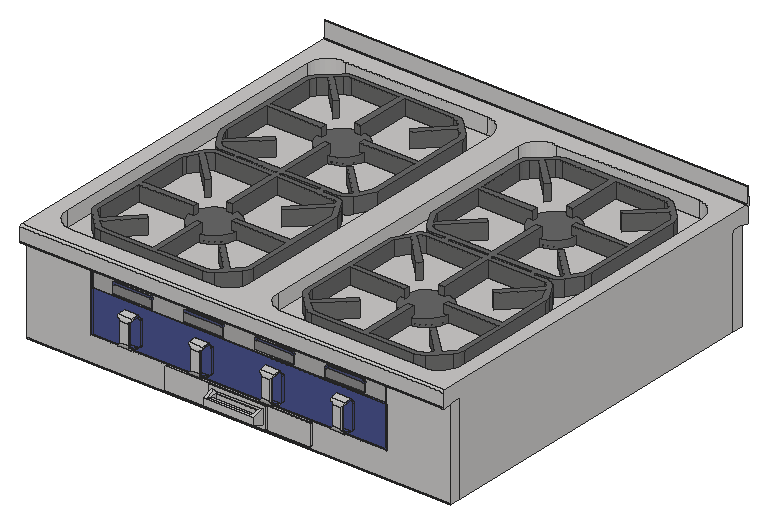
Revit family "QF_ELECTROLUXPROFESSIONAL_589083_MCGHABJOPI", category Specialty Equipment, Revit 2018
Family settings
  Round Connector Dimension = Use Diameter
  Part Type = Normal
  Work Plane-Based = No
  Always vertical = Yes
  Cut with Voids When Loaded = No
  Shared = No
  Room Calculation Point = No
Parameters
  Weight in Pounds = 180.77
  Watts = 0 W
  URL Cutsheet = ""
  Type Mark [instance] = ""
  Status [instance] = ""
  Specification by User [instance] = ""
  Specification by Manufacturer = ""
  Show Clearance [instance] = yes
  Serial Number = ""
  Seismic Rating = ""
  SMACNA No = ""
  Revision Code [instance] = ""
  Omniclass Number and Title = ""
  NAFEM Spec ID Number = ""
  Model = "589083"
  Mechanical Remarks [instance] = ""
  Mechanical Connection Type [instance] = ""
  Masterspec = ""
  Manufacturer = "ELECTROLUX"
  Item Number [instance] = ""
  Installed By [instance] = ""
  Identify Quantity as Lot [instance] = yes
  HP = "0 HP"
  Gas Size = 1/2"
  Gas RI Height [instance] = 0 mm
  Gas KW = 40
  Gas Input = 136360.0 Btu/h
  Gas Connection Height [instance] = 0 mm
  Furnished By [instance] = ""
  Foodservice Equipment Identifier [instance] = yes
  Direct Waste Size = 0"
  Description = "GAS TOP,4 BURN,ECO,1S,BSPL,1000X900X250H"
  CSI MasterFormat = ""
  CSI Master Format = ""
  Back Panel [instance] = yes
Reference planes
  plane 1 "BACK": y = 0
  plane 2: z = 0
  plane 3 "LEFT": x = 0
  plane 4 "RIGHT": x = 1000
  plane 5 "FRONT": y = -900
  plane 6 "TOP": z = 250
  plane 7: x = 500
  plane 8: y = -450
  plane 9: x = 965
  plane 10: y = -60.425
  plane 11: y = -1330
Forms (mm)
  Extrusion 1, solid, material "QF_Finishes_Stainless Steel"
    sketch origin (0, -487.128, 0) x (0, 1, 0) y (0, 0, 1)
      loop
        line (483.128, 250) -> (-408.872, 250)
        arc (-408.872, 250) -> (-411.7, 248.828) -> (-412.872, 246) r 4
        line (-412.872, 246) -> (-412.872, 214)
        arc (-412.872, 214) -> (-411.437, 210.931) -> (-408.161, 210.064) r 4
        line (-408.161, 210.064) -> (-392.872, 213) -> (-367.872, 213) -> (-367.872, 0) -> (441.714, 0) -> (441.714, 213) -> (465.765, 213) -> (482.433, 210.061)
        arc (482.433, 210.061) -> (485.699, 210.936) -> (487.128, 214) r 4
        line (487.128, 214) -> (487.128, 246)
        arc (487.128, 246) -> (485.956, 248.828) -> (483.128, 250) r 4
    from 0 to 1000
  Extrusion 2, solid, material "QF_Finishes_Stainless Steel", visible <- "Back Panel"
    sketch origin (0, 0.586, 0) x (0, 1, 0) y (0, 0, 1)
      loop
        line (-46, 0) -> (-21, 0) -> (-21, 212.833) -> (-21.949, 213) -> (-46, 213) -> (-46, 0)
    from 0 to 1000
  Extrusion 3, void
    sketch origin (653.786, 44.048, 250) x (1, 0, 0) y (0, -1, 0)
      loop
        line (-570.234, 89.462) -> (-234.333, 89.462)
        arc (-234.333, 89.462) -> (-199.707, 103.805) -> (-185.364, 138.432) r 48.97
        line (-185.364, 138.432) -> (-185.364, 850.078)
        arc (-185.364, 850.078) -> (-199.707, 884.705) -> (-234.333, 899.048) r 48.97
        line (-234.333, 899.048) -> (-570.234, 899.048)
        arc (-570.234, 899.048) -> (-605.59, 884.403) -> (-620.234, 849.048) r 50
        line (-620.234, 849.048) -> (-620.234, 139.462)
        arc (-620.234, 139.462) -> (-605.59, 104.107) -> (-570.234, 89.462) r 50
      loop
        line (264.679, 899.048) -> (-71.222, 899.048)
        arc (-71.222, 899.048) -> (-106.577, 884.403) -> (-121.222, 849.048) r 50
        line (-121.222, 849.048) -> (-121.222, 139.462)
        arc (-121.222, 139.462) -> (-106.577, 104.107) -> (-71.222, 89.462) r 50
        line (-71.222, 89.462) -> (264.679, 89.462)
        arc (264.679, 89.462) -> (299.306, 103.805) -> (313.649, 138.432) r 48.97
        line (313.649, 138.432) -> (313.649, 850.078)
        arc (313.649, 850.078) -> (299.306, 884.705) -> (264.679, 899.048) r 48.97
    from 0 to 37
  Extrusion 4, solid, material "QF_Finishes_Stainless Steel"
    sketch origin (10, -759, 0) x (1, 0, 0) y (0, -1, 0)
      loop
        circle (955, -169) r 6.35
    from 0 to 3.2
  Extrusion 5, solid, material "QF_Door-Drawer Clearances", visible <- "Show Clearance", detail levels coarse
    sketch origin (-178.969, -4572, 0) x (-1, 0, 0) y (0, -1, 0)
      loop
        line (-507.364, -3689.407) -> (-507.364, -3242) -> (-851.364, -3242) -> (-851.364, -3689.407) -> (-507.364, -3689.407)
    from 8.012 to 59.392
  Extrusion 6, solid, material "QF_Finishes_Stainless Steel"
    sketch origin (0, -950.048, 0) x (0, -1, 0) y (0, 0, -1)
      loop
        arc (-948.097, -252.006) -> (-947.511, -250.592) -> (-946.097, -250.006) r 2
        arc (-946.097, -250.006) -> (-948.877, -248.828) -> (-950.048, -246) r 4
        line (-950.048, -246) -> (-950.048, -288.006) -> (-948.097, -288.006) -> (-948.097, -252.006)
    from 0 to 1000
Cuts and joins
  Extrusion 3 cuts Extrusion 1
Lines and regions (mm)
  symbolic lines
    curve 1: line (0, 0, 0) -> (1000, 0, 0)
    curve 2: line (0, -900, 0) -> (0, 0, 0)
    curve 3: line (1000, -900, 0) -> (0, -900, 0)
    curve 4: line (1000, 0, 0) -> (1000, -900, 0)
    curve 5: arc (83.552, -855, 0) -> (48.197, -840.355, 0) -> (33.552, -805, 0) r 50
    curve 6: line (33.552, -805, 0) -> (33.552, -95.414, 0)
    curve 7: arc (33.552, -95.414, 0) -> (48.197, -60.059, 0) -> (83.552, -45.414, 0) r 50
    curve 8: line (83.552, -45.414, 0) -> (417.592, -45.414, 0)
    curve 9: arc (918.465, -45.414, 0) -> (953.092, -59.757, 0) -> (967.435, -94.384, 0) r 48.97
    curve 10: line (967.435, -94.384, 0) -> (967.435, -806.03, 0)
    curve 11: arc (967.435, -806.03, 0) -> (953.092, -840.657, 0) -> (918.465, -855, 0) r 48.97
    curve 12: line (918.465, -855, 0) -> (582.408, -855, 0)
    curve 13: line (582.408, -45.414, 0) -> (918.465, -45.414, 0)
    curve 14: line (417.592, -855, 0) -> (83.552, -855, 0)
    curve 15: arc (582.408, -855, 0) -> (547.053, -840.355, 0) -> (532.408, -805, 0) r 50
    curve 16: line (532.408, -805, 0) -> (532.408, -95.414, 0)
    curve 17: arc (532.408, -95.414, 0) -> (547.053, -60.059, 0) -> (582.408, -45.414, 0) r 50
    curve 18: arc (417.592, -855, 0) -> (452.947, -840.355, 0) -> (467.592, -805, 0) r 50
    curve 19: line (467.592, -805, 0) -> (467.592, -95.414, 0)
    curve 20: arc (467.592, -95.414, 0) -> (452.947, -60.059, 0) -> (417.592, -45.414, 0) r 50
    curve 21: line (0, -1.951, 0) -> (1000, -1.951, 0)
  symbolic lines, style "QF_Door-Drawer Clearances"
    curve 22: line (328.395, -900, 0) -> (328.395, -1330, 0)
    curve 23: line (328.395, -1330, 0) -> (672.395, -1330, 0)
    curve 24: line (672.395, -1330, 0) -> (672.395, -900, 0)
Dimensions and locks
  plane 3 "LEFT" to plane 4 "RIGHT" = 1000 mm
  plane 5 "FRONT" to plane 1 "BACK" = 900 mm
  equal spacing: plane 3 "LEFT", plane 7, plane 4 "RIGHT"
  equal spacing: plane 5 "FRONT", plane 8, plane 1 "BACK"
  plane 6 "TOP" to level = 250 mm  (x2)
  plane 1 "BACK" to plane 5 "FRONT" = 900 mm
  Extrusion 4 sketch curve to plane 1 "BACK" = 590 mm
  Extrusion 4 sketch curve to plane 4 "RIGHT" = 35 mm
  plane 1 "BACK" to Extrusion 4 = 590 mm
  plane 9 to plane 4 "RIGHT" = 35 mm
  plane 5 "FRONT" to plane 11 = 430 mm
  aligned and locked: level to plane 2
  aligned and locked: Extrusion 1 to plane 4 "RIGHT"
Automatic sketch dimensions
  Extrusion 1 sketch curve to plane 5 "FRONT" = 0 mm
  Extrusion 1 sketch curve to plane 6 "TOP" = 0 mm
  Extrusion 1 sketch curve to level = 0 mm
  Extrusion 1 sketch curve to plane 1 "BACK" = 0 mm
  Extrusion 1 sketch curve to plane 6 "TOP" = 37 mm  (x2)
  Extrusion 1 sketch curve to plane 5 "FRONT" = 4 mm
  Extrusion 1 sketch curve to plane 5 "FRONT" = 20 mm
  Extrusion 1 sketch curve to plane 5 "FRONT" = 45 mm
  plane 1 "BACK" to Extrusion 1 sketch curve = 21.363 mm
  plane 1 "BACK" to Extrusion 1 sketch curve = 4 mm  (x2)
  Extrusion 1 sketch curve to Extrusion 1 sketch curve = 4 mm
  Extrusion 1 sketch curve to Extrusion 1 sketch curve = 0.711 mm
  plane 1 "BACK" to Extrusion 1 sketch curve = 4.695 mm
  Extrusion 1 sketch curve to Extrusion 1 sketch curve = 0 mm  (x2)
  Extrusion 1 sketch curve to Extrusion 1 sketch curve = 1 mm  (x2)
  plane 1 "BACK" to Extrusion 1 sketch curve = 45.414 mm
  Extrusion 2 sketch curve to level = 0 mm
  plane 10 to Extrusion 2 sketch curve = 15.012 mm
  Extrusion 2 sketch curve to plane 6 "TOP" = 37.167 mm
  Extrusion 2 sketch curve to Extrusion 2 sketch curve = 0.949 mm
  plane 1 "BACK" to Extrusion 2 sketch curve = 20.414 mm
  Extrusion 2 sketch curve to plane 6 "TOP" = 37 mm
  Extrusion 5 sketch curve to plane 5 "FRONT" = 17.407 mm
  plane 7 to Extrusion 5 sketch curve = 172.395 mm
  Extrusion 5 sketch curve to plane 7 = 171.605 mm
  plane 5 "FRONT" to Extrusion 5 sketch curve = 430 mm
  Extrusion 6 sketch curve to plane 1 "BACK" = 0 mm  (x2)
  Extrusion 6 sketch curve to plane 6 "TOP" = 2.006 mm
  Extrusion 6 sketch curve to plane 6 "TOP" = 0 mm
  Extrusion 6 sketch curve to Extrusion 6 sketch curve = 1.951 mm
  Extrusion 6 sketch curve to Extrusion 6 sketch curve = 2 mm
  Extrusion 6 sketch curve to Extrusion 6 sketch curve = 0.049 mm
  Extrusion 6 sketch curve to Extrusion 6 sketch curve = 36 mm
  Extrusion 6 sketch curve to Extrusion 6 sketch curve = 0 mm
  plane 1 "BACK" to curve 1 = 0 mm
  curve 1 to plane 4 "RIGHT" = 0 mm
  curve 2 to plane 3 "LEFT" = 0 mm
  plane 5 "FRONT" to curve 2 = 0 mm
  curve 21 to plane 3 "LEFT" = 0 mm
  curve 10 to plane 9 = 2.435 mm
  plane 9 to curve 12 = 46.535 mm
  plane 10 to curve 13 = 15.012 mm
  plane 9 to curve 13 = 46.535 mm
  plane 7 to curve 12 = 82.408 mm
  plane 7 to curve 13 = 82.408 mm
  plane 7 to curve 16 = 32.408 mm
  curve 19 to plane 7 = 32.408 mm
  curve 14 to plane 5 "FRONT" = 45 mm
  curve 19 to curve 14 = 50 mm
  plane 10 to curve 8 = 15.012 mm
  curve 19 to curve 8 = 50 mm
  plane 3 "LEFT" to curve 8 = 83.552 mm
  plane 3 "LEFT" to curve 14 = 83.552 mm
  plane 3 "LEFT" to curve 6 = 33.552 mm
  curve 18 to curve 16 = 0 mm
  curve 1 to curve 21 = 1.951 mm
  Extrusion 1 to Extrusion 3 sketch curve = 33.552 mm
  Extrusion 1 to Extrusion 3 sketch curve = 41 mm  (x2)
  Extrusion 3 sketch curve to Extrusion 3 sketch curve = 50 mm  (x4)
  Extrusion 1 to Extrusion 3 sketch curve = 41.414 mm
  Extrusion 3 sketch curve to Extrusion 3 sketch curve = 335.901 mm  (x2)
  Extrusion 3 sketch curve to Extrusion 3 sketch curve = 48.97 mm
  Extrusion 3 sketch curve to Extrusion 3 sketch curve = 64.142 mm
  Extrusion 1 to Extrusion 3 sketch curve = 81.535 mm  (x2)
  Extrusion 1 to Extrusion 3 sketch curve = 32.565 mm
  Extrusion 3 sketch curve to Extrusion 3 sketch curve = 1.03 mm
  curve 23 to plane 11 = 0 mm
  curve 23 to plane 7 = 171.605 mm
  plane 7 to curve 23 = 172.395 mm
  curve 22 to plane 5 "FRONT" = 0 mm
  curve 24 to plane 5 "FRONT" = 0 mm
  radius of Extrusion 4 sketch curve = 6.35 mm
Nested families
  nested 1: "OBT_900_Open Burner" at (250, -450.207, -649.319), type "OBT_900_Open Burner"
  nested 2: "OBT_900_Open Burner" at (750, -450.207, -649.319) x (-1, 0, 0) z (0, 0, 1), type "OBT_900_Open Burner"
  nested 3: "EG_900_1000_Four Range Control Handle Front Panel" at (202.376, -855, -650), type "EG_900_1000_Four Range Control Handle Front Panel"
Connectors
  piping at (965, -590, -3.2), diameter 12.8
    settings: on Extrusion 4, index 1, connector inside diameter 0.50394", connector length 0 mm, flow factor 0, pipe flow 0 GPM, pressure drop 0.00 psi, fitting loss kfactor 0, connector angle 0.00°, fixture units 0, engagement length 0 mm, angle of deflection 0.00°, flow configuration 1, flow direction 1, fitting loss method 0, system type 7, joint type 0, gender type 0, connector reference index -1, connector utility 0, adjustable connector no, is connector primary yes, connector description "GAS CONNECTION"
Definition of nested family "OBT_900_Open Burner"
  Reference planes
    plane 1 "Center (Front/Back)": y = 0
    plane 2: z = 0
    plane 3 "Center (Left/Right)": x = 0
    plane 4: x = -186.448
    plane 5: x = 187.435
    plane 6: y = 374.793
    plane 7: y = -374.793
    plane 8: y = -188.326
  Forms (mm)
    Extrusion 1, solid
      sketch origin (2130.573, 56.896, -679.622) x (1, 0, 0) y (0, 1, 0)
        loop
          line (-2137.44, 306.49) -> (-2250.793, 306.49)
          arc (-2250.793, 306.49) -> (-2257.908, 305.075) -> (-2263.94, 301.044) r 18.593
          line (-2263.94, 301.044) -> (-2276.233, 288.751) -> (-2213.48, 225.998) -> (-2221.6, 217.877) -> (-2284.354, 280.631) -> (-2300.33, 264.654)
          arc (-2300.33, 264.654) -> (-2304.433, 258.337) -> (-2305.614, 250.897) r 18.125
          line (-2305.614, 250.897) -> (-2305.614, 138.422) -> (-2175.79, 138.422) -> (-2175.79, 126.938) -> (-2305.614, 126.938) -> (-2305.614, 10.897)
          arc (-2305.614, 10.897) -> (-2304.981, 6.085) -> (-2303.123, 1.601) r 18.593
          line (-2303.123, 1.601) -> (-2290.078, -20.994) -> (-2221.6, 47.483) -> (-2213.48, 39.363) -> (-2284.012, -31.169)
          arc (-2284.012, -31.169) -> (-2278.546, -38.527) -> (-2270.23, -42.379) r 18.593
          line (-2270.23, -42.379) -> (-2137.44, -42.379) -> (-2137.44, 87.464) -> (-2123.707, 87.464) -> (-2123.707, -42.379) -> (-1989.813, -42.379)
          arc (-1989.813, -42.379) -> (-1981.496, -38.527) -> (-1976.031, -31.169) r 18.593
          line (-1976.031, -31.169) -> (-2047.115, 39.915) -> (-2038.994, 48.035) -> (-1969.962, -20.997) -> (-1954.428, 5.916) -> (-1954.428, 126.938) -> (-2085.357, 126.938) -> (-2085.357, 138.422) -> (-1954.428, 138.422) -> (-1954.428, 247.888)
          arc (-1954.428, 247.888) -> (-1956.538, 258.496) -> (-1962.547, 267.489) r 27.72
          line (-1962.547, 267.489) -> (-1975.689, 280.631) -> (-2038.994, 217.325) -> (-2047.115, 225.446) -> (-1983.809, 288.751) -> (-1996.102, 301.044)
          arc (-1996.102, 301.044) -> (-2002.134, 305.075) -> (-2009.25, 306.49) r 18.593
          line (-2009.25, 306.49) -> (-2123.707, 306.49) -> (-2123.707, 177.897) -> (-2137.44, 177.897) -> (-2137.44, 306.49)
        loop
          arc (-2317.021, 10.897) -> (-2315.999, 3.132) -> (-2313.002, -4.103) r 30
          line (-2313.002, -4.103) -> (-2292.795, -39.103)
          arc (-2292.795, -39.103) -> (-2281.814, -50.084) -> (-2266.814, -54.103) r 30
          line (-2266.814, -54.103) -> (-2239.287, -54.103)
          arc (-2239.287, -54.103) -> (-2238.243, -56) -> (-2236.272, -56.896) r 3.438
          arc (-2236.272, -56.896) -> (-2238.243, -57.792) -> (-2239.287, -59.689) r 3.438
          line (-2239.287, -59.689) -> (-2266.814, -59.689)
          arc (-2266.814, -59.689) -> (-2281.814, -63.708) -> (-2292.795, -74.689) r 30
          line (-2292.795, -74.689) -> (-2313.002, -109.689)
          arc (-2313.002, -109.689) -> (-2315.999, -116.924) -> (-2317.021, -124.689) r 30
          line (-2317.021, -124.689) -> (-2317.021, -365.461)
          arc (-2317.021, -365.461) -> (-2314.738, -376.941) -> (-2308.234, -386.674) r 30
          line (-2308.234, -386.674) -> (-2271.975, -422.933)
          arc (-2271.975, -422.933) -> (-2262.253, -429.414) -> (-2250.793, -431.689) r 30
          line (-2250.793, -431.689) -> (-2009.25, -431.689)
          arc (-2009.25, -431.689) -> (-1997.786, -429.412) -> (-1988.062, -422.928) r 30
          line (-1988.062, -422.928) -> (-1951.808, -386.674)
          arc (-1951.808, -386.674) -> (-1945.305, -376.941) -> (-1942.982, -365.461) r 30
          line (-1942.982, -365.461) -> (-1942.982, -116.719) -> (-1967.248, -74.689)
          arc (-1967.248, -74.689) -> (-1978.229, -63.708) -> (-1993.229, -59.689) r 30
          line (-1993.229, -59.689) -> (-2020.319, -59.689)
          arc (-2020.319, -59.689) -> (-2021.979, -57.759) -> (-2024.375, -56.896) r 5
          arc (-2024.375, -56.896) -> (-2021.979, -56.033) -> (-2020.319, -54.103) r 5
          line (-2020.319, -54.103) -> (-1993.229, -54.103)
          arc (-1993.229, -54.103) -> (-1978.229, -50.084) -> (-1967.248, -39.103) r 30
          line (-1967.248, -39.103) -> (-1943.138, 2.656) -> (-1943.138, 254.314)
          arc (-1943.138, 254.314) -> (-1945.839, 264.361) -> (-1951.808, 272.882) r 30
          line (-1951.808, 272.882) -> (-1988.062, 309.136)
          arc (-1988.062, 309.136) -> (-1997.786, 315.62) -> (-2009.25, 317.897) r 30
          line (-2009.25, 317.897) -> (-2250.793, 317.897)
          arc (-2250.793, 317.897) -> (-2262.253, 315.622) -> (-2271.975, 309.141) r 30
          line (-2271.975, 309.141) -> (-2308.234, 272.882)
          arc (-2308.234, 272.882) -> (-2314.738, 263.149) -> (-2317.021, 251.669) r 30
          line (-2317.021, 251.669) -> (-2317.021, 10.897)
        loop
          arc (-2122.397, -54.103) -> (-2124.057, -56.033) -> (-2126.452, -56.896) r 5
          arc (-2126.452, -56.896) -> (-2124.057, -57.759) -> (-2122.397, -59.689) r 5
          line (-2122.397, -59.689) -> (-2035.829, -59.689)
          arc (-2035.829, -59.689) -> (-2034.784, -57.792) -> (-2032.813, -56.896) r 3.438
          arc (-2032.813, -56.896) -> (-2034.784, -56) -> (-2035.829, -54.103) r 3.438
          line (-2035.829, -54.103) -> (-2122.397, -54.103)
        loop
          arc (-2223.778, -54.103) -> (-2225.438, -56.033) -> (-2227.833, -56.896) r 5
          arc (-2227.833, -56.896) -> (-2225.438, -57.759) -> (-2223.778, -59.689) r 5
          line (-2223.778, -59.689) -> (-2137.906, -59.689)
          arc (-2137.906, -59.689) -> (-2136.862, -57.792) -> (-2134.891, -56.896) r 3.438
          arc (-2134.891, -56.896) -> (-2136.862, -56) -> (-2137.906, -54.103) r 3.438
          line (-2137.906, -54.103) -> (-2223.778, -54.103)
        loop
          line (-2137.44, -420.282) -> (-2137.44, -290.439) -> (-2123.707, -290.439) -> (-2123.707, -420.282) -> (-2009.25, -420.282)
          arc (-2009.25, -420.282) -> (-2002.134, -418.867) -> (-1996.102, -414.836) r 18.593
          line (-1996.102, -414.836) -> (-1983.184, -401.918) -> (-2047.115, -337.988) -> (-2038.994, -329.867) -> (-1975.064, -393.798) -> (-1962.547, -381.281)
          arc (-1962.547, -381.281) -> (-1956.538, -372.288) -> (-1954.428, -361.68) r 27.72
          line (-1954.428, -361.68) -> (-1954.428, -250.964) -> (-2085.357, -250.964) -> (-2085.357, -239.48) -> (-1954.428, -239.48) -> (-1954.428, -119.708) -> (-1970.42, -92.003) -> (-2038.994, -160.577) -> (-2047.115, -152.457) -> (-1976.413, -81.755)
          arc (-1976.413, -81.755) -> (-1981.868, -74.971) -> (-1989.813, -71.413) r 18.593
          line (-1989.813, -71.413) -> (-2123.707, -71.413) -> (-2123.707, -200.006) -> (-2137.44, -200.006) -> (-2137.44, -71.413) -> (-2270.23, -71.413)
          arc (-2270.23, -71.413) -> (-2278.175, -74.971) -> (-2283.629, -81.755) r 18.593
          line (-2283.629, -81.755) -> (-2213.48, -151.905) -> (-2221.6, -160.025) -> (-2289.62, -92.005) -> (-2303.123, -115.393)
          arc (-2303.123, -115.393) -> (-2304.981, -119.877) -> (-2305.614, -124.689) r 18.593
          line (-2305.614, -124.689) -> (-2305.614, -239.48) -> (-2175.79, -239.48) -> (-2175.79, -250.964) -> (-2305.614, -250.964) -> (-2305.614, -364.689)
          arc (-2305.614, -364.689) -> (-2304.433, -372.129) -> (-2300.33, -378.446) r 18.125
          line (-2300.33, -378.446) -> (-2284.979, -393.798) -> (-2221.6, -330.419) -> (-2213.48, -338.54) -> (-2276.858, -401.918) -> (-2263.94, -414.836)
          arc (-2263.94, -414.836) -> (-2257.908, -418.867) -> (-2250.793, -420.282) r 18.593
          line (-2250.793, -420.282) -> (-2137.44, -420.282)
      from 1542.072 to 1578.941
    Extrusion 2, solid
      sketch origin (2130.573, 61.122, 0) x (1, 0, 0) y (0, 1, 0)
        loop
          circle (-2130.573, -249.448) r 55
        loop
          circle (-2130.573, 128.455) r 55
      from 862.45 to 879.837
    Extrusion 3, void
      sketch origin (-124.371, -355.785, -22.784) x (-0.587785, -0.809017, 0) y (0, 0, 1)
        loop
          circle (-213.495, 891.283) r 1
      from -67.69 to -35.114
    Extrusion 4, void
      sketch origin (-89.903, -376.417, -22.784) x (-0.422618, -0.906308, 0) y (0, 0, 1)
        loop
          circle (-213.495, 891.283) r 1
      from -74.826 to -35.114
    Extrusion 5, void
      sketch origin (-52.131, -390.093, -22.784) x (-0.241922, -0.970296, 0) y (0, 0, 1)
        loop
          circle (-213.495, 891.283) r 1
      from -67.69 to -35.114
    Extrusion 6, void
      sketch origin (27.702, -394.842, -22.784) x (0.139173, -0.990268, 0) y (0, 0, 1)
        loop
          circle (-213.495, 891.283) r 1
      from -67.69 to -35.114
    Extrusion 7, void
      sketch origin (66.829, -385.74, -22.784) x (0.325568, -0.945519, 0) y (0, 0, 1)
        loop
          circle (-213.495, 891.283) r 1
      from -67.69 to -35.114
    Extrusion 8, void
      sketch origin (103.5, -369.339, -22.784) x (0.5, -0.866025, 0) y (0, 0, 1)
        loop
          circle (-213.495, 891.283) r 1
      from -67.69 to -35.114
    Extrusion 9, void
      sketch origin (136.368, -346.242, -22.784) x (0.656059, -0.75471, 0) y (0, 0, 1)
        loop
          circle (-213.495, 891.283) r 1
      from -67.69 to -35.114
    Extrusion 10, void
      sketch origin (164.225, -317.298, -22.784) x (0.788011, -0.615661, 0) y (0, 0, 1)
        loop
          circle (-213.495, 891.283) r 1
      from -67.69 to -35.114
    Extrusion 11, void
      sketch origin (186.048, -283.571, -22.784) x (0.891007, -0.45399, 0) y (0, 0, 1)
        loop
          circle (-213.495, 891.283) r 1
      from -67.69 to -35.114
    Extrusion 12, void
      sketch origin (201.034, -246.299, -22.784) x (0.961262, -0.275637, 0) y (0, 0, 1)
        loop
          circle (-213.495, 891.283) r 1
      from -67.69 to -35.114
    Extrusion 13, void
      sketch origin (208.566, -166.681, -22.784) x (0.994522, 0.104528, 0) y (0, 0, 1)
        loop
          circle (-213.495, 891.283) r 1
      from -67.69 to -35.114
    Extrusion 14, void
      sketch origin (200.835, -127.26, -22.784) x (0.956305, 0.292372, 0) y (0, 0, 1)
        loop
          circle (-213.495, 891.283) r 1
      from -67.69 to -35.114
    Extrusion 15, void
      sketch origin (185.724, -90.039, -22.784) x (0.882948, 0.469472, 0) y (0, 0, 1)
        loop
          circle (-213.495, 891.283) r 1
      from -67.69 to -35.114
    Extrusion 16, void
      sketch origin (163.788, -56.385, -22.784) x (0.777146, 0.62932, 0) y (0, 0, 1)
        loop
          circle (-213.495, 891.283) r 1
      from -67.69 to -35.114
    Extrusion 17, void
      sketch origin (135.834, -27.534, -22.784) x (0.642788, 0.766044, 0) y (0, 0, 1)
        loop
          circle (-213.495, 891.283) r 1
      from -67.69 to -35.114
    Extrusion 18, void
      sketch origin (102.889, -4.548, -22.784) x (0.48481, 0.87462, 0) y (0, 0, 1)
        loop
          circle (-213.495, 891.283) r 1
      from -67.69 to -35.114
    Extrusion 19, void
      sketch origin (66.163, 11.73, -22.784) x (0.309017, 0.951057, 0) y (0, 0, 1)
        loop
          circle (-213.495, 891.283) r 1
      from -67.69 to -35.114
    Extrusion 20, void
      sketch origin (-52.811, 15.685, -22.784) x (-0.258819, 0.965926, 0) y (0, 0, 1)
        loop
          circle (-213.495, 891.283) r 1
      from -67.69 to -35.114
    Extrusion 21, void
      sketch origin (-90.537, 1.882, -22.784) x (-0.438371, 0.898794, 0) y (0, 0, 1)
        loop
          circle (-213.495, 891.283) r 1
      from -67.69 to -35.114
    Extrusion 22, void
      sketch origin (-124.936, -18.865, -22.784) x (-0.601815, 0.798636, 0) y (0, 0, 1)
        loop
          circle (-213.495, 891.283) r 1
      from -67.69 to -35.114
    Extrusion 23, void
      sketch origin (-154.744, -45.796, -22.784) x (-0.743145, 0.669131, 0) y (0, 0, 1)
        loop
          circle (-213.495, 891.283) r 1
      from -67.69 to -35.114
    Extrusion 24, void
      sketch origin (-178.866, -77.919, -22.784) x (-0.857167, 0.515038, 0) y (0, 0, 1)
        loop
          circle (-213.495, 891.283) r 1
      from -67.69 to -35.114
    Extrusion 25, void
      sketch origin (-196.416, -114.054, -22.784) x (-0.939693, 0.34202, 0) y (0, 0, 1)
        loop
          circle (-213.495, 891.283) r 1
      from -67.69 to -35.114
    Extrusion 26, void
      sketch origin (-204.521, -232.817, -22.784) x (-0.97437, -0.224951, 0) y (0, 0, 1)
        loop
          circle (-213.495, 891.283) r 1
      from -67.69 to -35.114
    Extrusion 27, void
      sketch origin (-192.043, -271.002, -22.784) x (-0.913545, -0.406737, 0) y (0, 0, 1)
        loop
          circle (-213.495, 891.283) r 1
      from -67.69 to -35.114
    Extrusion 28, void
      sketch origin (-172.509, -306.104, -22.784) x (-0.819152, -0.573576, 0) y (0, 0, 1)
        loop
          circle (-213.495, 891.283) r 1
      from -67.69 to -35.114
    Extrusion 29, void
      sketch origin (-146.635, -336.834, -22.784) x (-0.694658, -0.71934, 0) y (0, 0, 1)
        loop
          circle (-213.495, 891.283) r 1
      from -67.69 to -35.114
    Extrusion 30, void
      sketch origin (-124.371, 22.118, -22.784) x (-0.587785, -0.809017, 0) y (0, 0, 1)
        loop
          circle (-213.495, 891.283) r 1
      from -67.69 to -35.114
    Extrusion 31, void
      sketch origin (-89.903, 1.485, -22.784) x (-0.422618, -0.906308, 0) y (0, 0, 1)
        loop
          circle (-213.495, 891.283) r 1
      from -74.826 to -35.114
    Extrusion 32, void
      sketch origin (-52.131, -12.191, -22.784) x (-0.241922, -0.970296, 0) y (0, 0, 1)
        loop
          circle (-213.495, 891.283) r 1
      from -67.69 to -35.114
    Extrusion 33, void
      sketch origin (27.702, -16.939, -22.784) x (0.139173, -0.990268, 0) y (0, 0, 1)
        loop
          circle (-213.495, 891.283) r 1
      from -67.69 to -35.114
    Extrusion 34, void
      sketch origin (66.829, -7.837, -22.784) x (0.325568, -0.945519, 0) y (0, 0, 1)
        loop
          circle (-213.495, 891.283) r 1
      from -67.69 to -35.114
    Extrusion 35, void
      sketch origin (103.5, 8.564, -22.784) x (0.5, -0.866025, 0) y (0, 0, 1)
        loop
          circle (-213.495, 891.283) r 1
      from -67.69 to -35.114
    Extrusion 36, void
      sketch origin (136.368, 31.66, -22.784) x (0.656059, -0.75471, 0) y (0, 0, 1)
        loop
          circle (-213.495, 891.283) r 1
      from -67.69 to -35.114
    Extrusion 37, void
      sketch origin (164.225, 60.604, -22.784) x (0.788011, -0.615661, 0) y (0, 0, 1)
        loop
          circle (-213.495, 891.283) r 1
      from -67.69 to -35.114
    Extrusion 38, void
      sketch origin (186.048, 94.332, -22.784) x (0.891007, -0.45399, 0) y (0, 0, 1)
        loop
          circle (-213.495, 891.283) r 1
      from -67.69 to -35.114
    Extrusion 39, void
      sketch origin (201.034, 131.603, -22.784) x (0.961262, -0.275637, 0) y (0, 0, 1)
        loop
          circle (-213.495, 891.283) r 1
      from -67.69 to -35.114
    Extrusion 40, void
      sketch origin (208.566, 211.222, -22.784) x (0.994522, 0.104528, 0) y (0, 0, 1)
        loop
          circle (-213.495, 891.283) r 1
      from -67.69 to -35.114
    Extrusion 41, void
      sketch origin (200.835, 250.642, -22.784) x (0.956305, 0.292372, 0) y (0, 0, 1)
        loop
          circle (-213.495, 891.283) r 1
      from -67.69 to -35.114
    Extrusion 42, void
      sketch origin (185.724, 287.864, -22.784) x (0.882948, 0.469472, 0) y (0, 0, 1)
        loop
          circle (-213.495, 891.283) r 1
      from -67.69 to -35.114
    Extrusion 43, void
      sketch origin (163.788, 321.518, -22.784) x (0.777146, 0.62932, 0) y (0, 0, 1)
        loop
          circle (-213.495, 891.283) r 1
      from -67.69 to -35.114
    Extrusion 44, void
      sketch origin (135.834, 350.368, -22.784) x (0.642788, 0.766044, 0) y (0, 0, 1)
        loop
          circle (-213.495, 891.283) r 1
      from -67.69 to -35.114
    Extrusion 45, void
      sketch origin (102.889, 373.355, -22.784) x (0.48481, 0.87462, 0) y (0, 0, 1)
        loop
          circle (-213.495, 891.283) r 1
      from -67.69 to -35.114
    Extrusion 46, void
      sketch origin (66.163, 389.633, -22.784) x (0.309017, 0.951057, 0) y (0, 0, 1)
        loop
          circle (-213.495, 891.283) r 1
      from -67.69 to -35.114
    Extrusion 47, void
      sketch origin (-52.811, 393.588, -22.784) x (-0.258819, 0.965926, 0) y (0, 0, 1)
        loop
          circle (-213.495, 891.283) r 1
      from -67.69 to -35.114
    Extrusion 48, void
      sketch origin (-90.537, 379.785, -22.784) x (-0.438371, 0.898794, 0) y (0, 0, 1)
        loop
          circle (-213.495, 891.283) r 1
      from -67.69 to -35.114
    Extrusion 49, void
      sketch origin (-124.936, 359.037, -22.784) x (-0.601815, 0.798636, 0) y (0, 0, 1)
        loop
          circle (-213.495, 891.283) r 1
      from -67.69 to -35.114
    Extrusion 50, void
      sketch origin (-154.744, 332.107, -22.784) x (-0.743145, 0.669131, 0) y (0, 0, 1)
        loop
          circle (-213.495, 891.283) r 1
      from -67.69 to -35.114
    Extrusion 51, void
      sketch origin (-178.866, 299.984, -22.784) x (-0.857167, 0.515038, 0) y (0, 0, 1)
        loop
          circle (-213.495, 891.283) r 1
      from -67.69 to -35.114
    Extrusion 52, void
      sketch origin (-196.416, 263.848, -22.784) x (-0.939693, 0.34202, 0) y (0, 0, 1)
        loop
          circle (-213.495, 891.283) r 1
      from -67.69 to -35.114
    Extrusion 53, void
      sketch origin (-204.521, 145.086, -22.784) x (-0.97437, -0.224951, 0) y (0, 0, 1)
        loop
          circle (-213.495, 891.283) r 1
      from -67.69 to -35.114
    Extrusion 54, void
      sketch origin (-192.043, 106.901, -22.784) x (-0.913545, -0.406737, 0) y (0, 0, 1)
        loop
          circle (-213.495, 891.283) r 1
      from -67.69 to -35.114
    Extrusion 55, void
      sketch origin (-172.509, 71.798, -22.784) x (-0.819152, -0.573576, 0) y (0, 0, 1)
        loop
          circle (-213.495, 891.283) r 1
      from -67.69 to -35.114
    Extrusion 56, void
      sketch origin (-146.635, 41.068, -22.784) x (-0.694658, -0.71934, 0) y (0, 0, 1)
        loop
          circle (-213.495, 891.283) r 1
      from -67.69 to -35.114
  Cuts and joins
    Extrusion 3, Extrusion 4, Extrusion 5, Extrusion 6, Extrusion 7, Extrusion 8, Extrusion 9, Extrusion 10, Extrusion 11, Extrusion 12, Extrusion 13, Extrusion 14, Extrusion 15, Extrusion 16, Extrusion 17, Extrusion 18, Extrusion 19, Extrusion 20, Extrusion 21, Extrusion 22, Extrusion 23, Extrusion 24, Extrusion 25, Extrusion 26, Extrusion 27, Extrusion 28, Extrusion 29, Extrusion 30, Extrusion 31, Extrusion 32, Extrusion 33, Extrusion 34, Extrusion 35, Extrusion 36, Extrusion 37, Extrusion 38, Extrusion 39, Extrusion 40, Extrusion 41, Extrusion 42, Extrusion 43, Extrusion 44, Extrusion 45, Extrusion 46, Extrusion 47, Extrusion 48, Extrusion 49, Extrusion 50, Extrusion 51, Extrusion 52, Extrusion 53, Extrusion 54, Extrusion 55, Extrusion 56 cuts Extrusion 2
    Extrusion 32 cuts Extrusion 1
  Lines and regions (mm)
    symbolic lines
      curve 1: arc (54.699, -182.584, 0) -> (39.289, -149.838, 0) -> (6.867, -133.757, 0) r 55
      curve 2: arc (-54.699, -194.068, 0) -> (-39.289, -226.815, 0) -> (-6.867, -242.896, 0) r 55
      curve 3: line (45.217, -194.068, 0) -> (176.145, -194.068, 0)
      curve 4: line (176.145, -194.068, 0) -> (176.145, -304.784, 0)
      curve 5: arc (176.145, -304.784, 0) -> (174.035, -315.392, 0) -> (168.026, -324.385, 0) r 27.72
      curve 6: line (168.026, -324.385, 0) -> (155.51, -336.902, 0)
      curve 7: line (155.51, -336.902, 0) -> (91.579, -272.971, 0)
      curve 8: line (83.459, -281.092, 0) -> (147.389, -345.022, 0)
      curve 9: line (147.389, -345.022, 0) -> (134.471, -357.94, 0)
      curve 10: arc (134.471, -357.94, 0) -> (128.439, -361.971, 0) -> (121.324, -363.386, 0) r 18.593
      curve 11: line (121.324, -363.386, 0) -> (6.867, -363.386, 0)
      curve 12: line (6.867, -363.386, 0) -> (6.867, -233.543, 0)
      curve 13: line (-6.867, -233.543, 0) -> (-6.867, -363.386, 0)
      curve 14: line (-6.867, -363.386, 0) -> (-120.219, -363.386, 0)
      curve 15: arc (-120.219, -363.386, 0) -> (-127.335, -361.971, 0) -> (-133.367, -357.94, 0) r 18.593
      curve 16: line (-133.367, -357.94, 0) -> (-146.285, -345.022, 0)
      curve 17: line (-146.285, -345.022, 0) -> (-82.906, -281.644, 0)
      curve 18: line (-91.027, -273.523, 0) -> (-154.405, -336.902, 0)
      curve 19: line (-154.405, -336.902, 0) -> (-169.757, -321.55, 0)
      curve 20: arc (-169.757, -321.55, 0) -> (-173.86, -315.233, 0) -> (-175.041, -307.793, 0) r 18.125
      curve 21: line (-175.041, -307.793, 0) -> (-175.041, -194.068, 0)
      curve 22: line (-175.041, -194.068, 0) -> (-45.217, -194.068, 0)
      curve 23: line (-45.217, -182.584, 0) -> (-175.041, -182.584, 0)
      curve 24: line (-175.041, -182.584, 0) -> (-175.041, -67.793, 0)
      curve 25: arc (-175.041, -67.793, 0) -> (-174.407, -62.981, 0) -> (-172.55, -58.497, 0) r 18.593
      curve 26: line (-172.55, -58.497, 0) -> (-159.047, -35.109, 0)
      curve 27: line (-159.047, -35.109, 0) -> (-91.027, -103.129, 0)
      curve 28: line (-82.906, -95.009, 0) -> (-153.056, -24.859, 0)
      curve 29: arc (-153.056, -24.859, 0) -> (-147.601, -18.075, 0) -> (-139.656, -14.517, 0) r 18.593
      curve 30: line (-139.656, -14.517, 0) -> (-6.867, -14.517, 0)
      curve 31: line (-6.867, -14.517, 0) -> (-6.867, -143.11, 0)
      curve 32: line (6.867, -143.11, 0) -> (6.867, -14.517, 0)
      curve 33: line (6.867, -14.517, 0) -> (140.761, -14.517, 0)
      curve 34: arc (140.761, -14.517, 0) -> (148.706, -18.075, 0) -> (154.16, -24.859, 0) r 18.593
      curve 35: line (154.16, -24.859, 0) -> (83.459, -95.561, 0)
      curve 36: line (91.579, -103.681, 0) -> (160.154, -35.107, 0)
      curve 37: line (160.154, -35.107, 0) -> (176.145, -62.812, 0)
      curve 38: line (176.145, -62.812, 0) -> (176.145, -182.584, 0)
      curve 39: line (176.145, -182.584, 0) -> (45.217, -182.584, 0)
      curve 40: line (187.592, -59.823, 0) -> (163.326, -17.793, 0)
      curve 41: arc (163.326, -17.793, 0) -> (152.345, -6.812, 0) -> (137.345, -2.793, 0) r 30
      curve 42: line (137.345, -2.793, 0) -> (110.254, -2.793, 0)
      curve 43: arc (110.254, -2.793, 0) -> (108.594, -0.863, 0) -> (106.199, 0, 0) r 5
      curve 44: arc (106.199, 0, 0) -> (108.594, 0.863, 0) -> (110.254, 2.793, 0) r 5
      curve 45: line (110.254, 2.793, 0) -> (137.345, 2.793, 0)
      curve 46: arc (137.345, 2.793, 0) -> (152.345, 6.812, 0) -> (163.326, 17.793, 0) r 30
      curve 47: line (163.326, 17.793, 0) -> (187.435, 59.552, 0)
      curve 48: line (187.435, 59.552, 0) -> (187.435, 311.21, 0)
      curve 49: arc (187.435, 311.21, 0) -> (184.735, 321.257, 0) -> (178.765, 329.778, 0) r 30
      curve 50: line (178.765, 329.778, 0) -> (142.511, 366.032, 0)
      curve 51: arc (142.511, 366.032, 0) -> (132.788, 372.516, 0) -> (121.324, 374.793, 0) r 30
      curve 52: line (121.324, 374.793, 0) -> (-120.219, 374.793, 0)
      curve 53: arc (-120.219, 374.793, 0) -> (-131.68, 372.518, 0) -> (-141.401, 366.037, 0) r 30
      curve 54: line (-141.401, 366.037, 0) -> (-177.661, 329.778, 0)
      curve 55: arc (-177.661, 329.778, 0) -> (-184.164, 320.045, 0) -> (-186.448, 308.565, 0) r 30
      curve 56: line (-186.448, 308.565, 0) -> (-186.448, 67.793, 0)
      curve 57: arc (-186.448, 67.793, 0) -> (-185.426, 60.028, 0) -> (-182.429, 52.793, 0) r 30
      curve 58: line (-182.429, 52.793, 0) -> (-162.221, 17.793, 0)
      curve 59: arc (-162.221, 17.793, 0) -> (-151.241, 6.812, 0) -> (-136.241, 2.793, 0) r 30
      curve 60: line (-136.241, 2.793, 0) -> (-108.714, 2.793, 0)
      curve 61: arc (-108.714, 2.793, 0) -> (-107.669, 0.896, 0) -> (-105.698, 0, 0) r 3.438
      curve 62: arc (-105.698, 0, 0) -> (-107.669, -0.896, 0) -> (-108.714, -2.793, 0) r 3.438
      curve 63: line (-108.714, -2.793, 0) -> (-136.241, -2.793, 0)
      curve 64: arc (-136.241, -2.793, 0) -> (-151.241, -6.812, 0) -> (-162.221, -17.793, 0) r 30
      curve 65: line (-162.221, -17.793, 0) -> (-182.429, -52.793, 0)
      curve 66: arc (-182.429, -52.793, 0) -> (-185.426, -60.028, 0) -> (-186.448, -67.793, 0) r 30
      curve 67: line (-186.448, -67.793, 0) -> (-186.448, -308.565, 0)
      curve 68: arc (-186.448, -308.565, 0) -> (-184.164, -320.045, 0) -> (-177.661, -329.778, 0) r 30
      curve 69: line (-177.661, -329.778, 0) -> (-141.401, -366.037, 0)
      curve 70: arc (-141.401, -366.037, 0) -> (-131.68, -372.518, 0) -> (-120.219, -374.793, 0) r 30
      curve 71: line (-120.219, -374.793, 0) -> (121.324, -374.793, 0)
      curve 72: arc (121.324, -374.793, 0) -> (132.788, -372.516, 0) -> (142.511, -366.032, 0) r 30
      curve 73: line (142.511, -366.032, 0) -> (178.765, -329.778, 0)
      curve 74: arc (178.765, -329.778, 0) -> (185.269, -320.045, 0) -> (187.552, -308.565, 0) r 30
      curve 75: line (187.592, -308.565, 0) -> (187.592, -59.823, 0)
      curve 76: line (94.745, -2.793, 0) -> (8.177, -2.793, 0)
      curve 77: arc (8.177, -2.793, 0) -> (6.517, -0.863, 0) -> (4.121, 0, 0) r 5
      curve 78: arc (4.121, 0, 0) -> (6.517, 0.863, 0) -> (8.177, 2.793, 0) r 5
      curve 79: line (8.177, 2.793, 0) -> (94.745, 2.793, 0)
      curve 80: arc (94.745, 2.793, 0) -> (95.789, 0.896, 0) -> (97.76, 0, 0) r 3.438
      curve 81: arc (97.76, 0, 0) -> (95.789, -0.896, 0) -> (94.745, -2.793, 0) r 3.438
      curve 82: line (-7.333, -2.793, 0) -> (-93.204, -2.793, 0)
      curve 83: arc (-93.204, -2.793, 0) -> (-94.864, -0.863, 0) -> (-97.26, 0, 0) r 5
      curve 84: arc (-97.26, 0, 0) -> (-94.864, 0.863, 0) -> (-93.204, 2.793, 0) r 5
      curve 85: line (-93.204, 2.793, 0) -> (-7.333, 2.793, 0)
      curve 86: arc (-7.333, 2.793, 0) -> (-6.288, 0.896, 0) -> (-4.317, 0, 0) r 3.438
      curve 87: arc (-4.317, 0, 0) -> (-6.288, -0.896, 0) -> (-7.333, -2.793, 0) r 3.438
      curve 88: line (-6.867, 14.517, 0) -> (-139.656, 14.517, 0)
      curve 89: arc (-139.656, 14.517, 0) -> (-147.973, 18.369, 0) -> (-153.438, 25.727, 0) r 18.593
      curve 90: line (-153.438, 25.727, 0) -> (-82.906, 96.259, 0)
      curve 91: line (-91.027, 104.379, 0) -> (-159.504, 35.902, 0)
      curve 92: line (-159.504, 35.902, 0) -> (-172.55, 58.497, 0)
      curve 93: arc (-172.55, 58.497, 0) -> (-174.407, 62.981, 0) -> (-175.041, 67.793, 0) r 18.593
      curve 94: line (-175.041, 67.793, 0) -> (-175.041, 183.834, 0)
      curve 95: line (-175.041, 183.834, 0) -> (-45.217, 183.834, 0)
      curve 96: line (-45.217, 195.318, 0) -> (-175.041, 195.318, 0)
      curve 97: line (-175.041, 195.318, 0) -> (-175.041, 307.793, 0)
      curve 98: arc (-175.041, 307.793, 0) -> (-173.86, 315.233, 0) -> (-169.757, 321.55, 0) r 18.125
      curve 99: line (-169.757, 321.55, 0) -> (-153.78, 337.527, 0)
      curve 100: line (-153.78, 337.527, 0) -> (-91.027, 274.773, 0)
      curve 101: line (-91.027, 274.773, 0) -> (-82.906, 282.894, 0)
      curve 102: line (-82.906, 282.894, 0) -> (-145.66, 345.647, 0)
      curve 103: line (-145.66, 345.647, 0) -> (-133.367, 357.94, 0)
      curve 104: arc (-133.367, 357.94, 0) -> (-127.335, 361.971, 0) -> (-120.219, 363.386, 0) r 18.593
      curve 105: line (-120.219, 363.386, 0) -> (-6.867, 363.386, 0)
      curve 106: line (-6.867, 363.386, 0) -> (-6.867, 234.793, 0)
      curve 107: line (-6.867, 234.793, 0) -> (6.867, 234.793, 0)
      curve 108: line (6.867, 234.793, 0) -> (6.867, 363.386, 0)
      curve 109: line (6.867, 363.386, 0) -> (121.324, 363.386, 0)
      curve 110: arc (121.324, 363.386, 0) -> (128.439, 361.971, 0) -> (134.471, 357.94, 0) r 18.593
      curve 111: line (134.471, 357.94, 0) -> (146.764, 345.647, 0)
      curve 112: line (146.764, 345.647, 0) -> (83.459, 282.342, 0)
      curve 113: line (91.579, 274.221, 0) -> (154.885, 337.527, 0)
      curve 114: line (154.885, 337.527, 0) -> (168.026, 324.385, 0)
      curve 115: arc (168.026, 324.385, 0) -> (174.035, 315.392, 0) -> (176.145, 304.784, 0) r 27.72
      curve 116: line (176.145, 304.784, 0) -> (176.145, 195.318, 0)
      curve 117: line (176.145, 195.318, 0) -> (45.217, 195.318, 0)
      curve 118: line (45.217, 183.834, 0) -> (176.145, 183.834, 0)
      curve 119: line (176.145, 183.834, 0) -> (176.145, 62.812, 0)
      curve 120: line (176.145, 62.812, 0) -> (160.611, 35.899, 0)
      curve 121: line (160.611, 35.899, 0) -> (91.579, 104.931, 0)
      curve 122: line (83.459, 96.811, 0) -> (154.543, 25.727, 0)
      curve 123: arc (154.543, 25.727, 0) -> (149.077, 18.369, 0) -> (140.761, 14.517, 0) r 18.593
      curve 124: line (140.761, 14.517, 0) -> (6.867, 14.517, 0)
      curve 125: line (6.867, 14.517, 0) -> (6.867, 144.36, 0)
      curve 126: line (6.867, 144.36, 0) -> (-6.867, 144.36, 0)
      curve 127: line (-6.867, 144.36, 0) -> (-6.867, 14.517, 0)
      curve 128: arc (-54.699, 183.834, 0) -> (-39.289, 151.088, 0) -> (-6.867, 135.007, 0) r 55
      curve 129: arc (54.699, 195.318, 0) -> (39.289, 228.065, 0) -> (6.867, 244.146, 0) r 55
      curve 130: arc (-6.867, 244.146, 0) -> (-39.289, 228.065, 0) -> (-54.699, 195.318, 0) r 55
      curve 131: arc (6.867, 135.007, 0) -> (39.289, 151.088, 0) -> (54.699, 183.834, 0) r 55
      curve 132: arc (-6.867, -133.757, 0) -> (-39.289, -149.838, 0) -> (-54.699, -182.584, 0) r 55
      curve 133: arc (6.867, -242.896, 0) -> (39.289, -226.815, 0) -> (54.699, -194.068, 0) r 55
      curve 134: line (-45.217, 183.834, 0) -> (-45.217, 195.318, 0)
      curve 135: line (45.217, 195.318, 0) -> (45.217, 183.834, 0)
      curve 136: line (91.579, 274.221, 0) -> (83.459, 282.342, 0)
      curve 137: line (-91.027, 104.379, 0) -> (-82.906, 96.259, 0)
      curve 138: line (91.579, 104.931, 0) -> (83.459, 96.811, 0)
      curve 139: line (-91.027, -103.129, 0) -> (-82.906, -95.009, 0)
      curve 140: line (83.459, -95.561, 0) -> (91.579, -103.681, 0)
      curve 141: line (45.217, -182.584, 0) -> (45.217, -194.068, 0)
      curve 142: line (-6.867, -143.11, 0) -> (6.867, -143.11, 0)
      curve 143: line (-45.217, -194.068, 0) -> (-45.217, -182.584, 0)
      curve 144: line (6.867, -233.543, 0) -> (-6.867, -233.543, 0)
      curve 145: line (91.579, -272.971, 0) -> (83.459, -281.092, 0)
      curve 146: line (-82.906, -281.644, 0) -> (-91.027, -273.523, 0)
  Dimensions and locks
    plane 5 to plane 4 = 373.883 mm
    equal spacing: Extrusion 1 sketch curve, plane 3 "Center (Left/Right)", Extrusion 1 sketch curve
Definition of nested family "EG_900_1000_Four Range Control Handle Front Panel"
  Reference planes
    plane 1 "Center (Front/Back)": y = 0
    plane 2: z = 0
    plane 3 "Center (Left/Right)": x = 297.624
    plane 4: x = -202.376
    plane 5: x = 797.624
    plane 6: y = -45
  Forms (mm)
    Extrusion 1, solid
      sketch origin (833.217, 829.203, -1.25) x (0, 1, 0) y (0, 0, 1)
        loop
          arc (-854.203, 654.25) -> (-853.324, 652.129) -> (-851.203, 651.25) r 3
          line (-851.203, 651.25) -> (-829.203, 651.25) -> (-829.203, 864.25) -> (-854.203, 864.25) -> (-854.203, 654.25)
      from -1035.593 to -35.593
    Extrusion 2, void
      sketch origin (33.217, 829.203, -1.25) x (1, 0, 0) y (0, 0, 1)
        loop
          line (-85.593, 855.116) -> (-85.593, 713.116) -> (614.407, 713.116) -> (614.407, 855.116) -> (-85.593, 855.116)
      from 848.59 to 854.203
  Cuts and joins
    Extrusion 2 cuts Extrusion 1
  Dimensions and locks
    equal spacing: plane 5, plane 3 "Center (Left/Right)", plane 4
    plane 5 to plane 4 = 1000 mm
    aligned and locked: cut or joined group of Extrusion 1, Extrusion 2 to plane 4
    aligned and locked: plane 5 to cut or joined group of Extrusion 1, Extrusion 2
    aligned and locked: plane 3 "Center (Left/Right)" to nested 2
    aligned and locked: cut or joined group of Extrusion 1, Extrusion 2 to nested 2
  Automatic sketch dimensions
    Extrusion 1 sketch curve to plane 1 "Center (Front/Back)" = 0 mm
    plane 1 "Center (Front/Back)" to Extrusion 1 sketch curve = 22 mm
    Extrusion 1 sketch curve to Extrusion 1 sketch curve = 3 mm
    level to Extrusion 1 sketch curve = 650 mm
    Extrusion 1 sketch curve to Extrusion 1 sketch curve = 210 mm
    plane 4 to Extrusion 2 sketch curve = 150 mm
    Extrusion 2 sketch curve to plane 5 = 150 mm
    level to Extrusion 2 sketch curve = 711.866 mm
    Extrusion 2 sketch curve to Extrusion 2 sketch curve = 142 mm
  Nested families
    nested 1: "Range Control Handle" at (46.32, -28.137, -209.113) x (-1, 0, 0) z (0, 0, 1), type "Range Control Handle"
    nested 2: "glass conrol panel" at (297.624, 280.644, 2.752), type "glass conrol panel"
    nested 3: "Range Control Handle" at (213.82, -28.137, -209.113) x (-1, 0, 0) z (0, 0, 1), type "Range Control Handle"
    nested 4: "Range Control Handle" at (381.32, -28.137, -209.113) x (-1, 0, 0) z (0, 0, 1), type "Range Control Handle"
    nested 5: "Range Control Handle" at (548.82, -28.137, -209.113) x (-1, 0, 0) z (0, 0, 1), type "Range Control Handle"
    nested 6: "grease trap door" at (230.025, -25, 0), type "grease trap door"
  Definition of nested family "Range Control Handle"
    Reference planes
      plane 1 "Center (Front/Back)": y = 0
      plane 2: z = 0
      plane 3 "Center (Left/Right)": x = 0
      plane 4: z = 971.092
      plane 5: y = -16.9
    Forms (mm)
      Extrusion 1, solid
        sketch origin (-746.28, 380.497, 208.931) x (-1, 0, 0) y (0, 0, 1)
          loop
            line (-770.101, 786.798) -> (-770.101, 731.649)
            arc (-770.101, 731.649) -> (-769.759, 730.563) -> (-768.855, 729.87) r 1.893
            line (-768.855, 729.87) -> (-763.474, 727.911) -> (-729.81, 727.911) -> (-724.428, 729.87)
            arc (-724.428, 729.87) -> (-723.525, 730.563) -> (-723.183, 731.649) r 1.893
            line (-723.183, 731.649) -> (-723.183, 786.798)
            arc (-723.183, 786.798) -> (-723.529, 787.894) -> (-724.44, 788.593) r 1.91
            line (-724.44, 788.593) -> (-729.683, 790.819) -> (-763.601, 790.819) -> (-768.844, 788.593)
            arc (-768.844, 788.593) -> (-769.755, 787.894) -> (-770.101, 786.798) r 1.91
        from -382.35 to -378.852
      Sweep 2, solid
        path origin (-746.788, 380.496, 208.091) x (0, -1, 0) y (0, 0, 1)
          loop
            line (379.775, 793.281) -> (395.661, 791.048)
            arc (395.661, 791.048) -> (397.781, 787.377) -> (398.517, 783.202) r 12.207
            line (398.517, 783.202) -> (398.517, 737.368)
            arc (398.517, 737.368) -> (397.781, 733.193) -> (395.661, 729.522) r 12.207
            line (395.661, 729.522) -> (379.775, 727.289)
        profile origin (-746.788, -7.222, 1000.256) x (0, -0.139173, 0.990268) y (-1, 0, 0)
          loop
            line (0.782, -763.123) -> (0.782, -730.907) -> (-1.322, -730.907) -> (-1.322, -763.123) -> (0.782, -763.123)
      Sweep 3, solid
        path origin (-746.788, 380.715, 207.832) x (0, -1, 0) y (0, 0, 1)
          loop
            line (380.478, 795.442) -> (397.218, 793.09)
            arc (397.218, 793.09) -> (399.929, 788.473) -> (400.871, 783.202) r 15.207
            line (400.871, 783.202) -> (400.871, 737.584)
            arc (400.871, 737.584) -> (399.914, 732.274) -> (397.164, 727.633) r 15.207
            line (397.164, 727.633) -> (380.601, 725.305)
        profile origin (-746.788, -8.132, 1002.099) x (0, -0.139173, 0.990268) y (-1, 0, 0)
          loop
            line (0.782, -763.123) -> (0.782, -730.907) -> (-1.322, -730.907) -> (-1.322, -763.123) -> (0.782, -763.123)
      Extrusion 4, void
        sketch origin (889.253, 220.666, 207.993) x (1, 0, 0) y (0, 0, 1)
          loop
            line (-943.038, 816.854) -> (-943.038, 703.686) -> (-899.466, 734.196) -> (-899.466, 786.344) -> (-943.038, 816.854)
        from 230.636 to 242.25
      Extrusion 5, void
        sketch origin (-888.8, 220.666, 207.993) x (-1, 0, 0) y (0, 0, -1)
          loop
            line (-943.038, -816.854) -> (-899.466, -786.344) -> (-899.466, -734.196) -> (-943.038, -703.686) -> (-943.038, -816.854)
        from 230.636 to 242.25
      Extrusion 6, solid
        sketch origin (0, 0, 0) x (1, 0, 0) y (0, 0, 1)
          loop
            circle (0, 971.092) r 7.736
        from -3.137 to -1.645
    Cuts and joins
      Extrusion 4, Extrusion 5 cuts Sweep 3
      Extrusion 4, Extrusion 5 cuts Sweep 2
      joined: Extrusion 1, Extrusion 6
    Lines and regions (mm)
      symbolic lines
        curve 1: line (16.334, -16.9, 0) -> (16.334, -19.227, 0)
        curve 2: spline (16.334, -19.227, 0) -> (15.87, -19.385, 0) -> (15.404, -19.536, 0) -> (14.936, -19.678, 0) -> (14.466, -19.813, 0) -> (13.995, -19.94, 0) -> (13.523, -20.059, 0) -> (13.049, -20.171, 0) -> (12.575, -20.274, 0) -> (12.099, -20.37, 0) -> (11.622, -20.458, 0) -> (11.144, -20.537, 0) -> (10.666, -20.609, 0)
        curve 3: line (10.666, -16.9, 0) -> (10.666, -20.938, 0)
        curve 4: line (-10.213, -20.938, 0) -> (10.666, -20.938, 0)
        curve 5: line (-10.213, -20.938, 0) -> (-10.213, -16.9, 0)
        curve 6: spline (-10.213, -20.609, 0) -> (-10.691, -20.537, 0) -> (-11.169, -20.458, 0) -> (-11.646, -20.37, 0) -> (-12.122, -20.274, 0) -> (-12.597, -20.171, 0) -> (-13.07, -20.059, 0) -> (-13.542, -19.94, 0) -> (-14.013, -19.813, 0) -> (-14.483, -19.678, 0) -> (-14.951, -19.536, 0) -> (-15.417, -19.385, 0) -> (-15.881, -19.227, 0)
        curve 7: line (-15.881, -19.227, 0) -> (-15.881, -16.9, 0)
  Definition of nested family "glass conrol panel"
    Reference planes
      plane 1 "Center (Front/Back)": y = 0
      plane 2: z = 0
      plane 3 "Center (Left/Right)": x = 0
    Forms (mm)
      Extrusion 1, solid
        sketch origin (378.286, 0, 0.617) x (1, 0, 0) y (0, 0, 1)
          loop
            line (-728.286, 806.791) -> (-728.286, 708.497) -> (-28.286, 708.497) -> (-28.286, 806.791) -> (-728.286, 806.791)
        from 300.031 to 304.8
      Extrusion 2, solid
        sketch origin (378.286, 0, 0.617) x (1, 0, 0) y (0, 0, 1)
          loop
            line (-728.286, 850.497) -> (-728.286, 806.791) -> (-28.286, 806.791) -> (-28.286, 850.497) -> (-728.286, 850.497)
        from 300.031 to 304.8
      Extrusion 3, void
        sketch origin (378.286, 0, 0.617) x (1, 0, 0) y (0, 0, 1)
          loop
            line (-725.628, 847.565) -> (-725.628, 710.699) -> (-31.196, 710.699) -> (-31.196, 847.565) -> (-725.628, 847.565)
        from 303.697 to 304.8
      Extrusion 4, solid
        sketch origin (-392.059, 1.101, -0.633) x (-1, 0, 0) y (0, 0, -1)
          loop
            line (-261.431, -812.62) -> (-355.186, -812.62) -> (-355.186, -834.177) -> (-350.269, -834.177) -> (-348.469, -835.977) -> (-268.039, -835.977) -> (-266.24, -834.177) -> (-261.431, -834.177) -> (-261.431, -812.62)
        from 304.798 to 306.745
      Extrusion 5, solid
        sketch origin (-392.059, 1.101, -0.633) x (-1, 0, 0) y (0, 0, -1)
          loop
            line (-350.269, -834.177) -> (-355.078, -834.177)
            arc (-355.078, -834.177) -> (-353.942, -838.747) -> (-349.686, -840.763) r 5.5
            line (-349.686, -840.763) -> (-266.98, -840.763)
            arc (-266.98, -840.763) -> (-262.706, -838.752) -> (-261.529, -834.177) r 5.549
            line (-261.529, -834.177) -> (-266.24, -834.177) -> (-268.039, -835.977) -> (-348.469, -835.977) -> (-350.269, -834.177)
        from 304.798 to 306.745
      Extrusion 6, solid
        sketch origin (392.059, 1.101, -0.633) x (1, 0, 0) y (0, 0, 1)
          loop
            line (-261.431, 812.62) -> (-261.431, 834.177) -> (-266.24, 834.177) -> (-268.039, 835.977) -> (-348.469, 835.977) -> (-350.269, 834.177) -> (-355.186, 834.177) -> (-355.186, 812.62) -> (-261.431, 812.62)
        from 304.798 to 306.745
      Extrusion 7, solid
        sketch origin (392.059, 1.101, -0.633) x (1, 0, 0) y (0, 0, 1)
          loop
            line (-350.269, 834.177) -> (-348.469, 835.977) -> (-268.039, 835.977) -> (-266.24, 834.177) -> (-261.529, 834.177)
            arc (-261.529, 834.177) -> (-262.706, 838.752) -> (-266.98, 840.763) r 5.549
            line (-266.98, 840.763) -> (-349.686, 840.763)
            arc (-349.686, 840.763) -> (-353.942, 838.747) -> (-355.078, 834.177) r 5.5
            line (-355.078, 834.177) -> (-350.269, 834.177)
        from 304.798 to 306.745
      Extrusion 8, solid
        sketch origin (-559.559, 1.101, -0.633) x (-1, 0, 0) y (0, 0, -1)
          loop
            line (-261.431, -812.62) -> (-355.186, -812.62) -> (-355.186, -834.177) -> (-350.269, -834.177) -> (-348.469, -835.977) -> (-268.039, -835.977) -> (-266.24, -834.177) -> (-261.431, -834.177) -> (-261.431, -812.62)
        from 304.798 to 306.745
      Extrusion 9, solid
        sketch origin (-559.559, 1.101, -0.633) x (-1, 0, 0) y (0, 0, -1)
          loop
            line (-350.269, -834.177) -> (-355.078, -834.177)
            arc (-355.078, -834.177) -> (-353.942, -838.747) -> (-349.686, -840.763) r 5.5
            line (-349.686, -840.763) -> (-266.98, -840.763)
            arc (-266.98, -840.763) -> (-262.706, -838.752) -> (-261.529, -834.177) r 5.549
            line (-261.529, -834.177) -> (-266.24, -834.177) -> (-268.039, -835.977) -> (-348.469, -835.977) -> (-350.269, -834.177)
        from 304.798 to 306.745
      Extrusion 10, solid
        sketch origin (559.559, 1.101, -0.633) x (1, 0, 0) y (0, 0, 1)
          loop
            line (-261.431, 812.62) -> (-261.431, 834.177) -> (-266.24, 834.177) -> (-268.039, 835.977) -> (-348.469, 835.977) -> (-350.269, 834.177) -> (-355.186, 834.177) -> (-355.186, 812.62) -> (-261.431, 812.62)
        from 304.798 to 306.745
      Extrusion 11, solid
        sketch origin (559.559, 1.101, -0.633) x (1, 0, 0) y (0, 0, 1)
          loop
            line (-350.269, 834.177) -> (-348.469, 835.977) -> (-268.039, 835.977) -> (-266.24, 834.177) -> (-261.529, 834.177)
            arc (-261.529, 834.177) -> (-262.706, 838.752) -> (-266.98, 840.763) r 5.549
            line (-266.98, 840.763) -> (-349.686, 840.763)
            arc (-349.686, 840.763) -> (-353.942, 838.747) -> (-355.078, 834.177) r 5.5
            line (-355.078, 834.177) -> (-350.269, 834.177)
        from 304.798 to 306.745
    Cuts and joins
      Extrusion 3 cuts Extrusion 1
      Extrusion 3 cuts Extrusion 2
    Dimensions and locks
      aligned and locked: Extrusion 1 to Extrusion 2
      aligned and locked: Extrusion 5 sketch curve to Extrusion 4  (x5)
      aligned and locked: Extrusion 5 to Extrusion 4
      aligned and locked: Extrusion 7 sketch curve to Extrusion 6  (x4)
      aligned and locked: Extrusion 6 to Extrusion 7 sketch curve
      aligned and locked: Extrusion 7 to Extrusion 6
      aligned and locked: Extrusion 9 sketch curve to Extrusion 8  (x5)
      aligned and locked: Extrusion 9 to Extrusion 8
      aligned and locked: Extrusion 11 sketch curve to Extrusion 10  (x4)
      aligned and locked: Extrusion 10 to Extrusion 11 sketch curve
      aligned and locked: Extrusion 11 to Extrusion 10
  Definition of nested family "grease trap door"
    Reference planes
      plane 1 "Center (Front/Back)": y = 0
      plane 2: z = 0
      plane 3 "Center (Left/Right)": x = 0
      plane 4: y = -20
    Forms (mm)
      Extrusion 1, solid
        sketch origin (1627.55, 854.203, -1.25) x (1, 0, 0) y (0, 0, 1)
          loop
            arc (-1627.55, 661.235) -> (-1626.972, 659.84) -> (-1625.577, 659.262) r 1.973
            line (-1625.577, 659.262) -> (-1494.325, 659.262)
            arc (-1494.325, 659.262) -> (-1492.156, 660.16) -> (-1491.258, 662.329) r 3.067
            line (-1491.258, 662.329) -> (-1491.258, 708.803)
            arc (-1491.258, 708.803) -> (-1492.414, 710.143) -> (-1494.111, 710.642) r 3.133
            line (-1494.111, 710.642) -> (-1625.486, 710.642)
            arc (-1625.486, 710.642) -> (-1626.945, 710.038) -> (-1627.55, 708.579) r 2.063
            line (-1627.55, 708.579) -> (-1627.55, 661.235)
        from 856.795 to 859.203
      Extrusion 2, solid
        sketch origin (445.874, 2476.61, 0) x (0, 1, 0) y (0, 0, 1)
          loop
            line (-2506.377, 675.273) -> (-2481.61, 667.505) -> (-2481.61, 700.995) -> (-2506.377, 693.227) -> (-2506.377, 675.273)
        from -437.68 to -317.68
      Extrusion 3, void
        sketch origin (1627.55, 854.203, -1.25) x (1, 0, 0) y (0, 0, 1)
          loop
            line (-1614.883, 703) -> (-1610.542, 695.433) -> (-1508.17, 695.433) -> (-1503.828, 703) -> (-1614.883, 703)
          loop
            line (-1614.883, 668) -> (-1502.669, 668) -> (-1507.01, 675.567) -> (-1610.542, 675.567) -> (-1614.883, 668)
        from 832.916 to 883.97
      Extrusion 4, void
        sketch origin (447.55, 854.203, -1.25) x (1, 0, 0) y (0, 0, 1)
          loop
            line (-430.542, 695.433) -> (-430.542, 675.567) -> (-328.17, 675.567) -> (-328.17, 695.433) -> (-430.542, 695.433)
        from 859.203 to 874.202
      Extrusion 5, solid
        sketch origin (1627.55, 854.203, -1.25) x (1, 0, 0) y (0, 0, 1)
          loop
            arc (-1731.556, 661.235) -> (-1730.978, 659.84) -> (-1729.583, 659.262) r 1.973
            line (-1729.583, 659.262) -> (-1390.623, 659.262)
            arc (-1390.623, 659.262) -> (-1388.454, 660.16) -> (-1387.556, 662.329) r 3.067
            line (-1387.556, 662.329) -> (-1387.556, 708.803)
            arc (-1387.556, 708.803) -> (-1388.712, 710.143) -> (-1390.409, 710.642) r 3.133
            line (-1390.409, 710.642) -> (-1729.493, 710.642)
            arc (-1729.493, 710.642) -> (-1730.952, 710.038) -> (-1731.556, 708.579) r 2.063
            line (-1731.556, 708.579) -> (-1731.556, 661.235)
        from 854.203 to 856.795
    Cuts and joins
      Extrusion 3 cuts Extrusion 1
      Extrusion 3, Extrusion 4 cuts Extrusion 2
      joined: Extrusion 1, Extrusion 2
    Lines and regions (mm)
      model lines
        curve 1: line (67.599, 0, 658.012) -> (67.599, 0, 709.392)
      symbolic lines
        curve 2: line (8.194, -20, 0) -> (8.194, -29.767, 0)
        curve 3: line (8.194, -29.767, 0) -> (128.194, -29.767, 0)
        curve 4: line (128.194, -29.767, 0) -> (128.194, -20, 0)
    Dimensions and locks
      aligned and locked: Extrusion 2 to Extrusion 1
      aligned and locked: Extrusion 3 to Extrusion 2
      aligned and locked: Extrusion 4 to Extrusion 1
